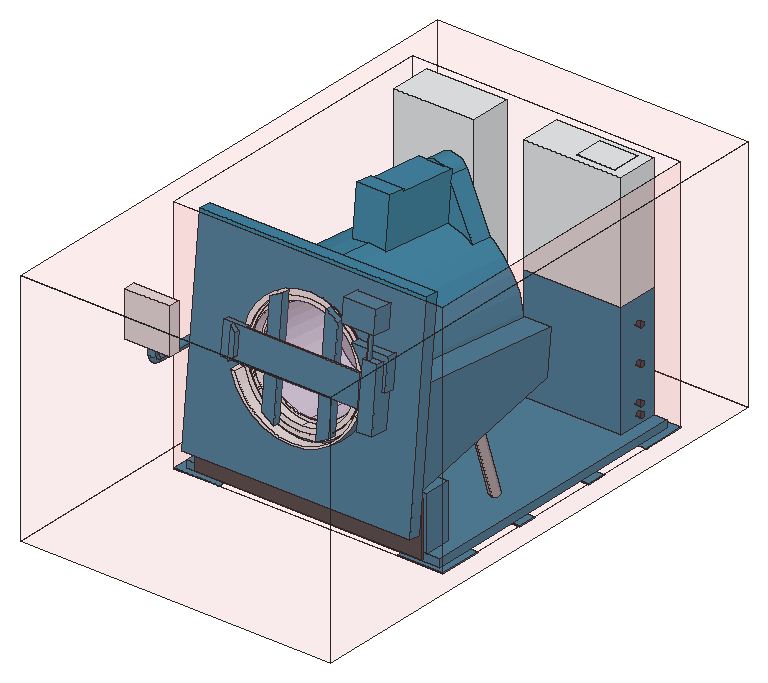
Revit family "Washer_Milnor_500lb-Capacity_68036M5K", category Mechanical Equipment, Revit 2026
Family settings
  Round Connector Dimension = Use Diameter
  Part Type = Normal
  Classification Number = 23.45.70.11.14.11
  Work Plane-Based = Yes
  Always vertical = No
  Cut with Voids When Loaded = No
  Maintain Annotation Orientation = No
  Shared = No
  Room Calculation Point = No
Parameters (values of type "6836m5kBe2018033D")
  doorgas = 28 1/2"
  Warranty Duration (Years) = 5
  Voltage_MEP = 44.5935 V
  Vibration Frequency = 0
  Unit Width = 112"
  Unit Weight = 15500
  Unit Height = 128 13/16"
  Unit Depth = 124 5/16"
  URL = "http://www.milnor.com/"
  Suspension Type = "Suspended"
  Specification = "https://www.arcat.com/sd/clients/pellerin.html"
  SpecWizard = "https://www.arcat.com/specwizard/11110pmc/index04.htm"
  Send Message = "http://www.arcat.com/users.pl?action=UserEmail&company=Pellerin+Milnor+Corp.&coid=34740&rep=108&fax=504-468-3094&mf="
  Sales Information = "http://www.milnor.com/contact_us.aspx"
  Revision = "R1_08-2018"
  Product Properties = "https://www.arcat.com/arcatcos/cos34/arc34740.html"
  Product Data = "http://www.arcat.com/arcatcos/cos34/arc34740.html"
  Phase = 3
  Number of Poles = 1
  Model = "6836m5kBe2018033D"
  Manufacturer Website = "http://www.milnor.com/"
  Manufacturer Phone - Toll Free = "800-469-8780"
  Manufacturer Phone = "504-467-9591"
  Manufacturer Fax = "504-468-3094"
  Manufacturer Address = "700 Jackson St.   Kenner, LA 70062"
  Manufacturer = "Pellerin Milnor Corp"
  Maintenance Schedule (Months) = 0
  MEP Amperage = 35 A
  Keynote = "11110"
  Interior Finish [instance] = Metal - Stainless Steel - Milnor - as Specified
  Installation-Fabrication = "https://www.arcat.com/catalogs/pellerin/pellerin.html"
  Installation Phase = ""
  Green Building-LEED = "https://www.arcat.com/green/green_building.shtml"
  Frequency = 60 Hz
  Extraction G-Force = "300 Gs"
  Expected Lifespan (Years) = 12
  Dynamic Load = 0.00 kip
  Drawn By = "Sumex Design, Inc. / Robert S. Weygant, CSI, CDT, SCIP"
  Door Opening Depth = 69 5/16"
  Door Opening = 48"
  Door Glazing [instance] = Glazing - Milnor - as Specified
  Door Finish [instance] = Metal - Stainless Steel - Milnor - Powder Coat as Specified
  Clearance Visible [instance] = yes
  Cabinet Front Doodads [instance] = Metal - Stainless Steel - Milnor - Powder Coat as Specified
  Description = "Milnor Commercial Washer Extractor"
  Default Elevation = 48"
  Cylinder Volume = 0.00 CF
  Cylinder Diameter = 68"
  Cylinder Depth = 36"
  Door Base from FF = 23.2"
  Copyright = "©Arcat Inc."
  Construction Details = "https://www.arcat.com/catalogs/pellerin/pellerin.html"
  Capacity = "400-500 lb"
  Cabinet Finish [instance] = Paint - Milnor - Blue
  Assembly Code = "E1010610"
Reference planes (in)
  plane 1 "Center (Front/Back)": y = 0
  plane 2 "Bottom": z = 0
  plane 3 "Center (Left/Right)": x = 0
  plane 4: y = -119.34375
  plane 5: z = 45
  plane 6: y = 50.03125
  plane 7: y = -50.03125
  plane 8: x = -56
  plane 9: x = 56
  plane 10: y = 73.96875
  plane 11: x = 53.125
  plane 12: z = 99.36991
  plane 13: y = 97.90625
Forms (in)
  Extrusion 1, solid, material "Paint - Milnor - Blue" <- "Cabinet Finish"
    sketch origin (0, 0, 0) x (1, 0, 0) y (0, 1, 0)
      loop
        line (-56, -32.03125) -> (-56, -50.03125) -> (-37, -50.03125) -> (-37, -32.03125) -> (-56, -32.03125)
      loop
        line (37, -32.03125) -> (37, -50.03125) -> (56, -50.03125) -> (56, -32.03125) -> (37, -32.03125)
      loop
        line (-37, -2.03125) -> (-56, -2.03125) -> (-56, -10.03125) -> (-37, -10.03125) -> (-37, -2.03125)
      loop
        line (-56, 73.96875) -> (-56, 55.96875) -> (-37, 55.96875) -> (-37, 73.96875) -> (-56, 73.96875)
      loop
        line (37, 73.96875) -> (37, 55.96875) -> (56, 55.96875) -> (56, 73.96875) -> (37, 73.96875)
      loop
        line (-37, 33.96875) -> (-56, 33.96875) -> (-56, 25.96875) -> (-37, 25.96875) -> (-37, 33.96875)
      loop
        line (37, -2.03125) -> (37, -10.03125) -> (56, -10.03125) -> (56, -2.03125) -> (37, -2.03125)
      loop
        line (37, 33.96875) -> (37, 25.96875) -> (56, 25.96875) -> (56, 33.96875) -> (37, 33.96875)
    from 0 to 0.25
  Extrusion 2, solid, material "Paint - Milnor - Black"
    sketch origin (-6.57785, -13.70318, 89.41361) x (0, 0, -1) y (1, 0, 0)
      loop
        circle (84.80775, 8.75) r 0.625
    from -88.59546 to 7.38853
  Extrusion 3, solid, material "Paint - Milnor - Blue" <- "Cabinet Finish"
    sketch origin (0, 0, 0) x (0, 1, 0) y (0, 0, 1)
      loop
        line (-51.69838, 11.91811) -> (-42.56176, 98.84727) -> (-47.53437, 99.36991) -> (-56.67099, 12.44076) -> (-51.69838, 11.91811)
    from -47.36425 to 47.36425
  Extrusion 4, solid, material "Paint - Milnor - Blue" <- "Cabinet Finish"
    sketch origin (0, -56.67099, 12.44076) x (0, 0.104528, 0.994522) y (-1, 0, 0)
      loop
        line (63.34195, -20.19914) -> (50.34195, -20.19914) -> (50.34195, -36.19914) -> (63.34195, -36.19914) -> (63.34195, -20.19914)
    from 0 to 4.277
  Extrusion 5, solid, material "Paint - Milnor - Blue" <- "Cabinet Finish"
    sketch origin (0, -55.88752, 19.89503) x (0, 0.104528, 0.994522) y (-1, 0, 0)
      loop
        line (47.15153, 30.52541) -> (34.15153, 30.52541) -> (34.15153, -26.34959) -> (47.15153, -26.34959) -> (47.15153, 30.52541)
    from 2.77869 to 5.14773
  Extrusion 6, solid, material "Paint - Milnor - Blue" <- "Cabinet Finish"
    sketch origin (0, -56.67099, 12.44076) x (0, 0.104528, 0.994522) y (-1, 0, 0)
      loop
        line (35.14687, -28.71384) -> (35.14687, -34.71384) -> (61.14687, -34.71384) -> (61.14687, -28.71384) -> (35.14687, -28.71384)
    from 0 to 7.70364
  Extrusion 7, solid, material "Paint - Milnor - Blue" <- "Cabinet Finish"
    sketch origin (0, -55.88752, 19.89503) x (0, 0.104528, 0.994522) y (-1, 0, 0)
      loop
        line (47.15153, 26.3125) -> (34.15153, 26.3125) -> (36.27285, 24.19118) -> (45.03021, 24.19118) -> (47.15153, 26.3125)
    from 5.14773 to 6.92948
  Extrusion 8, solid, material "Paint - Milnor - Blue" <- "Cabinet Finish"
    sketch origin (0, -56.67099, 12.44076) x (0, 0.104528, 0.994522) y (-1, 0, 0)
      loop
        line (50.34195, -29.67675) -> (42.34195, -29.67675) -> (42.34195, -31.67675) -> (50.34195, -31.67675) -> (50.34195, -29.67675)
    from 0 to 1.85829
  Extrusion 9, solid, material "Metal - Stainless Steel - Milnor - Powder Coat as Specified" <- "Door Finish"
    sketch origin (0, -55.88752, 19.89503) x (0, 0.104528, 0.994522) y (-1, 0, 0)
      loop
        circle (39.57704, 0) r 26
      loop
        circle (39.57704, 0) r 24
    from 0 to 0.25
  Extrusion 10, void
    sketch origin (0, -56.67099, 12.44076) x (0, -0.104528, -0.994522) y (-1, 0, 0)
      loop
        circle (-47.07237, -2.36425) r 25
    from -4.42404 to 9
  Extrusion 11, solid, material "Metal - Stainless Steel - Milnor - Powder Coat as Specified" <- "Door Finish"
    sketch origin (0, -55.88752, 19.89503) x (0, 0.104528, 0.994522) y (-1, 0, 0)
      loop
        circle (39.57704, 0) r 24
      loop
        circle (39.57704, 0) r 22
    from -5 to 0.125
  Extrusion 12, solid, material "Metal - Stainless Steel - Milnor - Powder Coat as Specified" <- "Door Finish"
    sketch origin (0, -55.88752, 19.89503) x (0, 0.104528, 0.994522) y (-1, 0, 0)
      loop
        circle (39.57704, 0) r 22
      loop
        circle (39.57704, 0) r 20.75
    from -42.18531 to -4
  Extrusion 13, solid, material "Glazing - Milnor - as Specified" <- "Door Glazing"
    sketch origin (0, -55.88752, 19.89503) x (0, 0.104528, 0.994522) y (-1, 0, 0)
      loop
        circle (39.57704, 0) r 20.75
    from -4.75 to -4.25
  Extrusion 14, solid, material "Paint - Milnor - Blue" <- "Cabinet Finish"
    sketch origin (2.83749, -56.64594, 12.67914) x (0, 0.104528, 0.994522) y (-1, 0, 0)
      loop
        arc (37.97157, 29.21249) -> (19.4855, 2.83749) -> (37.97157, -23.53751) r 28.0583
        line (37.97157, -23.53751) -> (37.97157, -22.33875)
        arc (37.97157, -22.33875) -> (20.29951, 2.53625) -> (37.97157, 27.41125) r 26.34292
        line (37.97157, 27.41125) -> (37.97157, 29.21249)
    from 0 to 4.96607
  Extrusion 15, solid, material "Metal - Stainless Steel - Milnor - Powder Coat as Specified" <- "Cabinet Front Doodads"
    sketch origin (65.39204, 23.96875, 99.36991) x (0, 1, 0) y (-1, 0, 0)
      loop
        line (32.27914, 38.66367) -> (32.27914, 22.91876) -> (44.27914, 22.91876) -> (44.27914, 38.66367) -> (32.27914, 38.66367)
    from 0 to 0.125
  Extrusion 16, solid, material "Paint - Milnor - Black"
    sketch origin (0, 70.49846, 0.25) x (0, 0, 1) y (1, 0, 0)
      loop
        circle (74.9785, -32.28576) r 0.25
      loop
        circle (6.9785, -32.28576) r 2
    from 0 to 0.48985
  Extrusion 17, solid, material "ARCAT Clearance", visible <- "Clearance Visible"
    sketch origin (64.26493, 103.11566, 0) x (1, 0, 0) y (0, 1, 0)
      loop
        line (0.54757, -5.20941) -> (-128.95243, -5.20941) -> (-128.95243, -222.45941) -> (0.54757, -222.45941) -> (0.54757, -5.20941)
      loop
        line (-120.26493, -153.14691) -> (-8.26493, -153.14691) -> (-8.26493, -29.14691) -> (-120.26493, -29.14691) -> (-120.26493, -153.14691)
    from 0 to 99.36991
  Revolve 18, solid, material "Paint - Milnor - Blue" <- "Cabinet Finish"
    sketch origin (0, 0, 0) x (0, 1, 0) y (0, 0, 1)
      loop
        line (-46.77798, 58.73262) -> (36.66924, 49.96196) -> (37.98157, 62.44795) -> (22.77323, 85.60977) -> (-43.22401, 92.54636) -> (-46.77798, 58.73262)
      axis (-46.77798, 58.73262) -> (36.66924, 49.96196)
    angle from 0 to 360
  Extrusion 19, solid, material "Paint - Milnor - Blue" <- "Cabinet Finish"
    sketch origin (0, 0, 0) x (1, 0, 0) y (0, 0, 1)
      loop
        line (-52.6875, 3.5) -> (-52.6875, 0.25) -> (52.6875, 0.25) -> (52.6875, 3.5) -> (-52.6875, 3.5)
    from -70.49846 to 47.72029
  Extrusion 20, solid, material "Paint - Milnor - Blue" <- "Cabinet Finish"
    sketch origin (0, 0, 0) x (0, 1, 0) y (0, 0, 1)
      loop
        line (-47.72029, 3.5) -> (-36.72029, 3.5) -> (-36.72029, 25.79376) -> (-47.72029, 25.79376) -> (-47.72029, 3.5)
    from -47.36425 to 47.36425
  Extrusion 21, solid, material "Paint - Milnor - Blue" <- "Cabinet Finish"
    sketch origin (0, 0, 0) x (0, 1, 0) y (0, 0, 1)
      loop
        line (-46.17628, 64.45743) -> (-50.33195, 24.91887) -> (17.93945, 39.61945) -> (19.82096, 57.52084) -> (-46.17628, 64.45743)
    from -45 to -34.125
  Extrusion 22, solid, material "Paint - Milnor - Blue" <- "Cabinet Finish"
    sketch origin (0, 0, 0) x (0, 1, 0) y (0, 0, -1)
      loop
        line (-46.17628, -64.45743) -> (19.82096, -57.52084) -> (17.93945, -39.61945) -> (-50.33195, -24.91887) -> (-46.17628, -64.45743)
    from -45 to -34.125
  Extrusion 23, solid, material "Paint - Milnor - Blue" <- "Cabinet Finish"
    sketch origin (0, 23.96875, 0) x (0, 1, 0) y (0, 0, 1)
      loop
        line (29.52971, 50.72341) -> (29.52971, 3.5) -> (46.52971, 3.5) -> (46.52971, 50.72341) -> (29.52971, 50.72341)
    from 6.888 to 47.36425
  Extrusion 24, solid, material "Metal - Stainless Steel - Milnor - Powder Coat as Specified" <- "Cabinet Front Doodads"
    sketch origin (0, 23.96875, 0) x (0, 1, 0) y (0, 0, 1)
      loop
        line (46.52971, 50.72341) -> (46.52971, 99.36991) -> (29.52971, 99.36991) -> (29.52971, 50.72341) -> (46.52971, 50.72341)
    from 6.888 to 47.36425
  Extrusion 25, solid, material "Paint - Milnor - Blue" <- "Cabinet Finish"
    sketch origin (0, 8.57565, -5.98428) x (1, 0, 0) y (0, 0.104528, 0.994522)
      loop
        spline (0, 91.63633) -> (1.54207, 91.60755) -> (3.08145, 91.52124) -> (4.61544, 91.37758) -> (6.14134, 91.17679) -> (7.65651, 90.91924) -> (9.15828, 90.60538) -> (10.64402, 90.23576) -> (12.11115, 89.81101) -> (13.55708, 89.3319) -> (14.9793, 88.79924) -> (16.3753, 88.21399) -> (17.74266, 87.57715)
        line (17.74266, 87.57715) -> (6.11891, 108.49711)
        arc (6.11891, 108.49711) -> (0, 112.09727) -> (-6.11891, 108.49711) r 7
        line (-6.11891, 108.49711) -> (-17.74266, 87.57715)
        spline (-17.74266, 87.57715) -> (-16.3753, 88.21399) -> (-14.9793, 88.79924) -> (-13.55708, 89.3319) -> (-12.11115, 89.81101) -> (-10.64402, 90.23576) -> (-9.15828, 90.60538) -> (-7.65651, 90.91924) -> (-6.14134, 91.17679) -> (-4.61544, 91.37758) -> (-3.08145, 91.52124) -> (-1.54207, 91.60755) -> (0, 91.63633)
    from -4.54561 to 4.46202
  Extrusion 26, solid, material "Paint - Milnor - Blue" <- "Cabinet Finish"
    sketch origin (0, 0, 0) x (0, 1, 0) y (0, 0, 1)
      loop
        line (15.7509, 104.97079) -> (-9.38098, 107.61226) -> (-9.27645, 108.60678) -> (-16.23811, 109.33848) -> (-18.80116, 84.95268) -> (13.29238, 81.57951) -> (15.7509, 104.97079)
    from -6.888 to 6.888
  Revolve 27, solid, material "Paint - Milnor - Blue" <- "Cabinet Finish"
    sketch origin (-32, 23.96875, 0) x (0, 1, 0) y (0, 0, 1)
      loop
        line (21.16723, 39.23406) -> (21.16723, 3.5) -> (23.52971, 3.5) -> (23.52971, 8.5) -> (27.54474, 14.23406) -> (27.54474, 39.23406) -> (21.16723, 39.23406)
      axis (21.16723, 39.23406) -> (21.16723, 3.5)
    angle from 0 to 360
  Revolve 28, solid, material "Metal - Stainless Steel - Milnor - as Specified"
    sketch origin (-40, 0, 0) x (0, 1, 0) y (0, 0, 1)
      loop
        line (-2.94357, 3.8942) -> (-1.04563, 4.52493) -> (-10.80664, 33.89713) -> (-12.70458, 33.26641) -> (-2.94357, 3.8942)
      axis (-12.70458, 33.26641) -> (-2.94357, 3.8942)
    angle from 0 to 360
  Revolve 29, solid, material "Metal - Stainless Steel - Milnor - as Specified"
    sketch origin (40, 0, 0) x (0, 1, 0) y (0, 0, -1)
      loop
        line (-2.94357, -3.8942) -> (-12.70458, -33.26641) -> (-10.80664, -33.89713) -> (-1.04563, -4.52493) -> (-2.94357, -3.8942)
      axis (-12.70458, -33.26641) -> (-2.94357, -3.8942)
    angle from 0 to 360
  Extrusion 30, solid, material "Paint - Milnor - Blue" <- "Cabinet Finish"
    sketch origin (0, 0, 0) x (1, 0, 0) y (0, 0, 1)
      loop
        spline (19, 30.69133) -> (16.07543, 29.2865) -> (13.02012, 28.12117) -> (9.8589, 27.20483) -> (6.61749, 26.54492) -> (3.32225, 26.14682) -> (0, 26.01376) -> (-3.32225, 26.14682) -> (-6.61749, 26.54492) -> (-9.8589, 27.20483) -> (-13.02012, 28.12117) -> (-16.07543, 29.2865) -> (-19, 30.69133)
        line (-19, 30.69133) -> (-19, 0) -> (19, 0) -> (19, 30.69133)
    from 21.09171 to 36.72029
  Extrusion 31, solid, material "Paint - Milnor - Blue" <- "Cabinet Finish"
    sketch origin (0.125, 23.96875, 0) x (0, 1, 0) y (0, 0, -1)
      loop
        line (29.52971, -39.23406) -> (46.52971, -39.23406) -> (46.52971, -3.5) -> (29.52971, -3.5) -> (29.52971, -39.23406)
    from 14.07152 to 47.48925
  Extrusion 32, solid, material "Metal - Stainless Steel - Milnor - Powder Coat as Specified" <- "Cabinet Front Doodads"
    sketch origin (0.125, 23.96875, 0) x (0, 1, 0) y (0, 0, -1)
      loop
        line (46.52971, -39.23406) -> (29.52971, -39.23406) -> (29.52971, -99.36991) -> (46.52971, -99.36991) -> (46.52971, -39.23406)
    from 14.07152 to 47.48925
  Extrusion 33, solid, material "Paint - Milnor - Black"
    sketch origin (28.41978, 70.74846, 126.34642) x (0, 0, -1) y (0, -1, 0)
      loop
        circle (84.80775, 8.75) r 1
      loop
        circle (99.55775, 8.75) r 1
      loop
        circle (114.30775, 8.75) r 1
      loop
        circle (118.55775, 8.75) r 1
    from -20.96134 to -16.58022
  Extrusion 34, solid, material "Metal - Stainless Steel - Milnor - Powder Coat as Specified" <- "Cabinet Front Doodads"
    sketch origin (0, 0, 0) x (0, 1, 0) y (0, 0, 1)
      loop
        line (-58.32307, 50.33861) -> (-58.32307, 69.33861) -> (-62.94807, 69.33861) -> (-62.94807, 50.33861) -> (-58.32307, 50.33861)
    from -66.11425 to -47.36425
  Sweep 35, solid, material "Paint - Milnor - Blue" <- "Cabinet Finish"
    path origin (4.13501, -3.90216, 0) x (0.066507, 0.997786, 0) y (0, 0, 1)
      loop
        line (-60.58506, 50.33861) -> (-60.58506, 47)
        arc (-60.58506, 47) -> (-59.99927, 45.58579) -> (-58.58506, 45) r 2
        line (-58.58506, 45) -> (-36.88557, 45)
        arc (-36.88557, 45) -> (-35.47135, 44.41421) -> (-34.88557, 43) r 2
        line (-34.88557, 43) -> (-34.88557, 39)
    profile origin (0.10567, -64.35308, 48.6693) x (0.997786, -0.066507, 0) y (0.066507, 0.997786, 0)
      loop
        circle (-56.73925, 0) r 1.5
  Extrusion 36, solid, material "Paint - Milnor - Blue" <- "Cabinet Finish"
    sketch origin (-0.09158, 0.35348, 0) x (1, 0, 0) y (0, 1, 0)
      loop
        circle (-54.70983, -35.33473) r 1.75
    from 0 to 39
  Extrusion 37, solid, material "Paint - Milnor - Black"
    sketch origin (0, 0, 0) x (0, 1, 0) y (0, 0, 1)
      loop
        line (-50.03125, 25.0188) -> (-50.15625, 25.0188) -> (-50.15625, 2.2688) -> (-50.03125, 2.2688) -> (-50.03125, 25.0188)
    from -47.36425 to 47.36425
  Revolve 38, solid, material "Paint - Milnor - Blue" <- "Cabinet Finish"
    sketch origin (0, 0, 0) x (0, 1, 0) y (0, 0, 1)
      loop
        line (-21.09171, 18.5) -> (-21.09171, 10.5) -> (-15.09171, 10.5) -> (-15.09171, 21.5) -> (-17.09171, 21.5) -> (-17.09171, 18.5) -> (-21.09171, 18.5)
      axis (-15.09171, 21.5) -> (-15.09171, 10.5)
    angle from 0 to 360
  Revolve 39, solid, material "Paint - Milnor - Blue" <- "Cabinet Finish"
    sketch origin (0, 0, 0) x (0, 1, 0) y (0, 0, 1)
      loop
        line (-19.72029, 10.5) -> (-19.72029, 3.5) -> (-19.22029, 3.5) -> (-19.22029, 10.5) -> (-19.72029, 10.5)
      axis (-19.22029, 10.5) -> (-19.22029, 3.5)
    angle from 0 to 360
  Extrusion 40, solid, material "Paint - Milnor - Blue" <- "Cabinet Finish"
    sketch origin (0, -56.13615, 19.92116) x (0, 0.104528, 0.994522) y (-1, 0, 0)
      loop
        line (60.37393, 14.047) -> (18.62473, 14.047) -> (15.62473, 8.85085) -> (63.37393, 8.85085) -> (60.37393, 14.047)
      loop
        line (60.37393, -14.047) -> (63.37393, -8.85085) -> (15.63848, -8.85085) -> (18.63848, -14.047) -> (60.37393, -14.047)
    from 0 to 2.77869
  Revolve 41, void
    sketch origin (0, 0, 0) x (0, 1, 0) y (0, 0, 1)
      loop
        line (-45.47287, 80.71663) -> (-47.7725, 58.83714) -> (-9.79638, 54.84569) -> (-7.49675, 76.72517) -> (-45.47287, 80.71663)
      axis (-9.79638, 54.84569) -> (-47.7725, 58.83714)
    angle from 0 to 360
  Revolve 42, solid, material "Metal - Stainless Steel - Milnor - as Specified" <- "Interior Finish"
    sketch origin (0, -7.67768, 0.80696) x (0, 1, 0) y (0, 0, 1)
      loop
        line (0.05027, 74.67507) -> (-1.12854, 74.79896) -> (-3.29751, 54.16263) -> (-2.11869, 54.03874) -> (0.05027, 74.67507)
      axis (-3.29751, 54.16263) -> (-2.11869, 54.03874)
    angle from 0 to 360
  Extrusion 43, solid, material "Paint - Milnor - Blue" <- "Cabinet Finish"
    sketch origin (0, -54.68495, 31.33667) x (0, 0.104528, 0.994522) y (-1, 0, 0)
      loop
        line (51.86926, -19.19914) -> (51.86926, -32.66588) -> (61.14687, -32.66588) -> (61.14687, -19.19914) -> (51.86926, -19.19914)
    from 0 to 7.70364
  Revolve 44, solid, material "Paint - Milnor - Blue" <- "Cabinet Finish"
    sketch origin (30, -1.98904, 0.20906) x (0, 1, 0) y (0, 0, 1)
      loop
        line (-53.09386, 83.32441) -> (-53.83975, 83.40281) -> (-54.85602, 73.73367) -> (-54.11012, 73.65528) -> (-53.09386, 83.32441)
      axis (-53.09386, 83.32441) -> (-54.11012, 73.65528)
    angle from 0 to 360
Cuts and joins
  Extrusion 10 cuts Extrusion 3
  Extrusion 10 cuts Extrusion 4
  Extrusion 10 cuts Extrusion 5
  Extrusion 10 cuts Extrusion 7
  joined: Revolve 38, Revolve 39
  Revolve 41 cuts Revolve 18
Lines and regions (in)
  symbolic lines, style "MechanicalEquipmentHiddenLines"
    curve 1: line (-56, 26.03125, 0) -> (63.625, 26.03125, 0)
Dimensions and locks (in)
  equal spacing: plane 6, plane 1 "Center (Front/Back)", plane 7
  locked: plane 6 to plane 7 at 100.0625
  equal spacing: plane 8, plane 3 "Center (Left/Right)", plane 9
  "Unit Width": plane 8 to plane 9
  locked: plane 7 to plane 4 at 69.3125
  level to Extrusion 20 = 25.79376"
  locked: plane 10 to plane 6 at 23.9375
  equal spacing: plane 13, plane 10, plane 6
  aligned and locked: Extrusion 17 to plane 12
  aligned and locked: plane 13 to Extrusion 17
  aligned and locked: Extrusion 17 to Extrusion 1 sketch curve
  aligned and locked: Extrusion 1 sketch curve to plane 10  (x2)
  aligned and locked: Extrusion 1 sketch curve to Extrusion 17
Automatic sketch dimensions
  plane 3 "Center (Left/Right)" to Extrusion 2 sketch curve = 2.17215"
  level to Extrusion 2 sketch curve = 4.60586"
  plane 8 to Extrusion 5 sketch curve = 25.47459"
  Extrusion 5 sketch curve to Extrusion 5 sketch curve = 13"
  plane 3 "Center (Left/Right)" to Extrusion 5 sketch curve = 26.34959"
  Extrusion 7 sketch curve to plane 3 "Center (Left/Right)" = 26 5/16"
  Extrusion 7 sketch curve to plane 3 "Center (Left/Right)" = 24.19118"
  Extrusion 7 sketch curve to Extrusion 7 sketch curve = 2.12132"  (x2)
  Extrusion 7 sketch curve to Extrusion 7 sketch curve = 8.75736"
  Extrusion 9 sketch curve to Extrusion 9 sketch curve = 0"  (x2)
  Extrusion 9 sketch curve to plane 3 "Center (Left/Right)" = 0"
  Extrusion 11 sketch curve to Extrusion 11 sketch curve = 0"  (x2)
  Extrusion 11 sketch curve to plane 3 "Center (Left/Right)" = 0"
  Extrusion 12 sketch curve to Extrusion 12 sketch curve = 0"  (x2)
  Extrusion 12 sketch curve to plane 3 "Center (Left/Right)" = 0"
  Extrusion 13 sketch curve to plane 3 "Center (Left/Right)" = 0"
  plane 6 to Extrusion 15 sketch curve = 6.21664"
  plane 6 to Extrusion 15 sketch curve = 18.21664"
  Extrusion 15 sketch curve to plane 9 = 13.52673"
  Extrusion 15 sketch curve to Extrusion 15 sketch curve = 15.7449"
  plane 7 to Revolve 18 sketch curve = 3.25327"
  plane 7 to Revolve 18 sketch curve = 6.80724"
  Revolve 18 sketch curve to plane 1 "Center (Front/Back)" = 22.77323"
  plane 5 to Revolve 18 sketch curve = 4.96196"
  Revolve 18 sketch curve to plane 1 "Center (Front/Back)" = 36.66924"
  plane 5 to Revolve 18 sketch curve = 17.44795"
  Revolve 18 sketch curve to Revolve 18 sketch curve = 1.31233"
  Revolve 18 sketch curve to Revolve 18 sketch curve = 3.97809"
  plane 5 to Revolve 18 sketch curve = 6.83374"
  Revolve 18 sketch curve to Revolve 18 sketch curve = 17.80878"
  Revolve 18 sketch curve to Revolve 18 sketch curve = 0.41811"
  level to Extrusion 19 sketch curve = 1/4"
  plane 8 to Extrusion 19 sketch curve = 3 5/16"
  Extrusion 19 sketch curve to plane 9 = 3 5/16"
  Extrusion 19 sketch curve to Extrusion 19 sketch curve = 3 1/4"
  plane 7 to Extrusion 20 sketch curve = 2.31096"
  Extrusion 20 sketch curve to Extrusion 20 sketch curve = 11"
  level to Extrusion 20 sketch curve = 3 1/2"
  Extrusion 20 sketch curve to plane 5 = 19.20624"
  level to Extrusion 23 sketch curve = 3 1/2"
  plane 6 to Extrusion 23 sketch curve = 3.46721"
  plane 6 to Extrusion 23 sketch curve = 20.46721"
  plane 5 to Extrusion 23 sketch curve = 5.72341"
  Extrusion 25 sketch curve to plane 3 "Center (Left/Right)" = 0"  (x2)
  Extrusion 25 sketch curve to plane 3 "Center (Left/Right)" = 6.11891"
  Extrusion 25 sketch curve to plane 3 "Center (Left/Right)" = 17.74266"
  plane 3 "Center (Left/Right)" to Extrusion 25 sketch curve = 6.11891"
  plane 3 "Center (Left/Right)" to Extrusion 25 sketch curve = 17.74266"
  Extrusion 25 sketch curve to Extrusion 25 sketch curve = 0"  (x2)
  Extrusion 25 sketch curve to Extrusion 25 sketch curve = 17.52012"
  Extrusion 25 sketch curve to Extrusion 25 sketch curve = 3.39985"
  Extrusion 25 sketch curve to plane 9 = 19 1/8"
  Extrusion 25 sketch curve to Extrusion 25 sketch curve = 28.84453"
  Revolve 27 sketch curve to plane 5 = 5.76594"
  Revolve 27 sketch curve to plane 1 "Center (Front/Back)" = 45.13598"
  level to Revolve 27 sketch curve = 8 1/2"
  Revolve 27 sketch curve to Revolve 27 sketch curve = 2.36248"
  Revolve 27 sketch curve to Revolve 27 sketch curve = 6.37751"
  level to Revolve 27 sketch curve = 3 1/2"
  Revolve 27 sketch curve to Revolve 27 sketch curve = 5.73406"
  Revolve 27 sketch curve to Revolve 27 sketch curve = 0"  (x3)
  plane 1 "Center (Front/Back)" to Revolve 29 sketch curve = 12.70458"
  Revolve 29 sketch curve to Revolve 29 sketch curve = 1.89794"
  plane 1 "Center (Front/Back)" to Revolve 29 sketch curve = 2.94357"
  Revolve 29 sketch curve to plane 5 = 11.10287"
  Revolve 29 sketch curve to Revolve 29 sketch curve = 0.63073"
  Revolve 29 sketch curve to Revolve 29 sketch curve = 1.24402"
  Revolve 29 sketch curve to Revolve 29 sketch curve = 0"  (x2)
  Revolve 29 sketch curve to Revolve 29 sketch curve = 3.74343"
  Extrusion 30 sketch curve to level = 0"
  Extrusion 30 sketch curve to plane 3 "Center (Left/Right)" = 0"
  Extrusion 30 sketch curve to plane 3 "Center (Left/Right)" = 19"
  plane 3 "Center (Left/Right)" to Extrusion 30 sketch curve = 19"
  Extrusion 30 sketch curve to plane 5 = 14.30867"
  Extrusion 30 sketch curve to plane 9 = 19 1/8"
  plane 5 to Extrusion 30 sketch curve = 13.73262"
  level to Extrusion 31 sketch curve = 3 1/2"
  plane 6 to Extrusion 31 sketch curve = 3.46721"
  plane 6 to Extrusion 31 sketch curve = 20.46721"
  Extrusion 31 sketch curve to plane 5 = 5.76594"
  Extrusion 33 sketch curve to plane 5 = 3.46133"
  Extrusion 33 sketch curve to Extrusion 33 sketch curve = 14 3/4"
  level to Extrusion 33 sketch curve = 12.03867"
  Extrusion 33 sketch curve to Extrusion 33 sketch curve = 4 1/4"
  plane 6 to Extrusion 33 sketch curve = 11.96721"  (x3)
  Extrusion 33 sketch curve to Extrusion 33 sketch curve = 0"
  Extrusion 34 sketch curve to plane 7 = 12.91682"
  Extrusion 34 sketch curve to Extrusion 34 sketch curve = 4 5/8"
  plane 5 to Extrusion 34 sketch curve = 5.33861"
  plane 5 to Extrusion 34 sketch curve = 24.33861"
  plane 8 to Extrusion 36 sketch curve = 1.19859"
  plane 7 to Extrusion 36 sketch curve = 15.04999"
  Extrusion 37 sketch curve to plane 7 = 0"
  Extrusion 37 sketch curve to plane 7 = 1/8"
  level to Extrusion 37 sketch curve = 2.2688"
  Extrusion 37 sketch curve to plane 5 = 19.9812"
  Extrusion 21 sketch curve to plane 7 = 0.3007"
  plane 7 to Extrusion 21 sketch curve = 3.85497"
  Extrusion 21 sketch curve to plane 1 "Center (Front/Back)" = 19.82096"
  plane 5 to Extrusion 21 sketch curve = 12.52084"
  Extrusion 21 sketch curve to plane 1 "Center (Front/Back)" = 17.93945"
  Extrusion 21 sketch curve to plane 5 = 5.38055"
  Extrusion 22 sketch curve to plane 7 = 0.3007"
  plane 7 to Extrusion 22 sketch curve = 3.85497"
  Extrusion 22 sketch curve to plane 1 "Center (Front/Back)" = 19.82096"
  plane 5 to Extrusion 22 sketch curve = 19.45743"
  Extrusion 22 sketch curve to plane 5 = 5.38055"
  Extrusion 22 sketch curve to plane 1 "Center (Front/Back)" = 17.93945"
  plane 1 "Center (Front/Back)" to Revolve 28 sketch curve = 12.70458"
  plane 1 "Center (Front/Back)" to Revolve 28 sketch curve = 1.04563"
  level to Revolve 28 sketch curve = 3.8942"
  Revolve 28 sketch curve to Revolve 28 sketch curve = 0.63073"
  Revolve 28 sketch curve to Revolve 28 sketch curve = 0.77316"
  Revolve 28 sketch curve to Revolve 28 sketch curve = 1.89794"
  Revolve 28 sketch curve to Revolve 28 sketch curve = 0"  (x2)
  Revolve 28 sketch curve to Revolve 28 sketch curve = 2.32653"
  plane 1 "Center (Front/Back)" to Revolve 38 sketch curve = 21.09171"
  Revolve 38 sketch curve to Revolve 38 sketch curve = 4"
  Revolve 38 sketch curve to Revolve 38 sketch curve = 6"
  level to Revolve 38 sketch curve = 10 1/2"
  Revolve 38 sketch curve to Revolve 38 sketch curve = 8"
  Revolve 38 sketch curve to Revolve 38 sketch curve = 3"
  Revolve 38 sketch curve to Revolve 38 sketch curve = 0"  (x3)
  level to Revolve 39 sketch curve = 3 1/2"
  plane 1 "Center (Front/Back)" to Revolve 39 sketch curve = 19.72029"
  Revolve 39 sketch curve to Revolve 39 sketch curve = 1/2"
  Revolve 39 sketch curve to Revolve 39 sketch curve = 7"
  Revolve 39 sketch curve to Revolve 39 sketch curve = 0"  (x3)
  curve 1 to plane 8 = 0"
  plane 9 to curve 1 = 7 5/8"
  curve 1 to plane 6 = 24"
  Sweep 35 sketch curve to plane 5 = 0"
  plane 5 to Sweep 35 sketch curve = 2"
  Sweep 35 sketch curve to plane 5 = 2"
  Sweep 35 sketch curve to Sweep 35 sketch curve = 21.69949"
  Sweep 35 sketch curve to Sweep 35 sketch curve = 4"
  Sweep 35 sketch curve to Sweep 35 sketch curve = 3.33861"
  profile plane to Sweep 35 sketch curve = 0"
  Sweep 35 sketch curve to profile plane = 56.73925"
  Extrusion 1 sketch curve to plane 8 = 0"  (x3)
  Extrusion 1 sketch curve to plane 7 = 0"  (x2)
  Extrusion 1 sketch curve to plane 9 = 0"  (x3)
  plane 1 "Center (Front/Back)" to Extrusion 1 sketch curve = 2 1/32"  (x2)
  Extrusion 1 sketch curve to Extrusion 1 sketch curve = 19"  (x3)
  plane 8 to Extrusion 1 sketch curve = 19"
  plane 11 to Extrusion 1 sketch curve = 16 1/8"  (x4)
  Extrusion 1 sketch curve to Extrusion 1 sketch curve = 18"  (x2)
  plane 1 "Center (Front/Back)" to Extrusion 1 sketch curve = 10 1/32"
  Extrusion 1 sketch curve to Extrusion 1 sketch curve = 8"  (x3)
  Extrusion 1 sketch curve to plane 6 = 24 1/16"  (x2)
  plane 6 to Extrusion 1 sketch curve = 5 15/16"  (x2)
  Extrusion 3 sketch curve to plane 12 = 0"
  Extrusion 3 sketch curve to plane 7 = 6.63974"
  Extrusion 3 sketch curve to plane 7 = 1.66713"
  plane 7 to Extrusion 3 sketch curve = 2.49688"
  Extrusion 3 sketch curve to Extrusion 3 sketch curve = 0.52264"
  Extrusion 3 to Extrusion 4 sketch curve = 37.06603"
  Extrusion 4 sketch curve to Extrusion 4 sketch curve = 13"
  Extrusion 3 to Extrusion 4 sketch curve = 11.1651"
  Extrusion 4 sketch curve to Extrusion 4 sketch curve = 16"
  Extrusion 3 to Extrusion 6 sketch curve = 35.14687"
  Extrusion 3 to Extrusion 6 sketch curve = 12.65041"
  Extrusion 6 sketch curve to Extrusion 6 sketch curve = 26"
  Extrusion 6 sketch curve to Extrusion 6 sketch curve = 6"
  Extrusion 3 to Extrusion 8 sketch curve = 17 11/16"
  Extrusion 3 to Extrusion 8 sketch curve = 42.34195"
  Extrusion 8 sketch curve to Extrusion 8 sketch curve = 8"
  Extrusion 8 sketch curve to Extrusion 8 sketch curve = 2"
  Extrusion 10 sketch curve to Extrusion 3 = 40.33561"
  Extrusion 10 sketch curve to Extrusion 3 = 45"
  Extrusion 3 to Extrusion 14 sketch curve = 20.98925"
  Extrusion 3 to Extrusion 14 sketch curve = 38.21126"  (x2)
  Extrusion 14 sketch curve to Extrusion 14 sketch curve = 8.67086"
  Extrusion 14 sketch curve to Extrusion 14 sketch curve = 0.90137"
  Extrusion 14 sketch curve to Extrusion 14 sketch curve = 1.80124"
  Extrusion 14 sketch curve to Extrusion 14 sketch curve = 24.57376"
  Extrusion 14 sketch curve to Extrusion 14 sketch curve = 0.30124"
  level to Extrusion 16 sketch curve = 7.2285"
  Extrusion 16 sketch curve to plane 12 = 24.14141"
  plane 8 to Extrusion 16 sketch curve = 23.71424"  (x2)
  Extrusion 24 sketch curve to plane 12 = 0"
  plane 6 to Extrusion 24 sketch curve = 3.46721"
  Extrusion 24 sketch curve to plane 10 = 3.47029"
  plane 5 to Extrusion 24 sketch curve = 5.72341"
  plane 1 "Center (Front/Back)" to Extrusion 26 sketch curve = 18.80116"
  plane 1 "Center (Front/Back)" to Extrusion 26 sketch curve = 16.23811"
  Extrusion 26 sketch curve to Extrusion 26 sketch curve = 6.85712"
  Extrusion 26 sketch curve to Extrusion 26 sketch curve = 0.10453"
  Extrusion 26 sketch curve to plane 1 "Center (Front/Back)" = 13.29238"
  Extrusion 26 sketch curve to plane 12 = 17.7904"
  Extrusion 26 sketch curve to Extrusion 26 sketch curve = 3.37317"
  Extrusion 32 sketch curve to plane 12 = 0"
  plane 6 to Extrusion 32 sketch curve = 3.46721"
  Extrusion 32 sketch curve to plane 10 = 3.47029"
  Extrusion 32 sketch curve to plane 5 = 5.76594"
  Extrusion 17 sketch curve to plane 13 = 0"
  Extrusion 17 sketch curve to plane 4 = 0"
  Extrusion 17 sketch curve to plane 8 = 0"
  Extrusion 17 sketch curve to plane 7 = 0"
  Extrusion 17 sketch curve to plane 9 = 0"
  Extrusion 17 sketch curve to plane 8 = 8 11/16"
  plane 9 to Extrusion 17 sketch curve = 8 13/16"
  plane 10 to Extrusion 17 sketch curve = 0"
  plane 3 "Center (Left/Right)" to Extrusion 40 sketch curve = 8.85085"
  Extrusion 40 sketch curve to plane 3 "Center (Left/Right)" = 8.85085"
  Extrusion 40 sketch curve to Extrusion 40 sketch curve = 0.01375"
  Extrusion 40 sketch curve to plane 3 "Center (Left/Right)" = 14.047"
  Extrusion 40 sketch curve to Extrusion 40 sketch curve = 3"  (x4)
  plane 3 "Center (Left/Right)" to Extrusion 40 sketch curve = 14.047"
  Extrusion 40 sketch curve to Extrusion 40 sketch curve = 41.7492"
  Extrusion 40 sketch curve to Extrusion 40 sketch curve = 0"
  plane 7 to Revolve 41 sketch curve = 2.25875"
  plane 7 to Revolve 41 sketch curve = 4.55838"
  plane 1 "Center (Front/Back)" to Revolve 41 sketch curve = 9.79638"
  plane 5 to Revolve 41 sketch curve = 9.84569"
  Revolve 41 sketch curve to Revolve 41 sketch curve = 3.99145"
  Revolve 41 sketch curve to Revolve 41 sketch curve = 0"  (x2)
  Revolve 41 sketch curve to Revolve 41 sketch curve = 0.99452"
  Revolve 41 sketch curve to Revolve 41 sketch curve = 0.10453"
  plane 1 "Center (Front/Back)" to Revolve 42 sketch curve = 10.97519"
  Revolve 42 sketch curve to Revolve 42 sketch curve = 1.17882"
  plane 1 "Center (Front/Back)" to Revolve 42 sketch curve = 8.80623"
  plane 5 to Revolve 42 sketch curve = 9.84569"
  Revolve 42 sketch curve to Revolve 42 sketch curve = 0.1239"
  Revolve 42 sketch curve to Revolve 42 sketch curve = 0"  (x2)
  Revolve 42 sketch curve to Revolve 42 sketch curve = 0.06434"
  Revolve 42 sketch curve to Revolve 42 sketch curve = 0.00676"
  plane 3 "Center (Left/Right)" to Extrusion 43 sketch curve = 19.19914"
  Extrusion 43 sketch curve to Extrusion 43 sketch curve = 9.2776"
  Extrusion 43 sketch curve to Extrusion 43 sketch curve = 13.46673"
  Revolve 44 sketch curve to plane 7 = 6.81381"
  Revolve 44 sketch curve to Revolve 44 sketch curve = 0.74589"
  Revolve 44 sketch curve to plane 7 = 5.79754"
  Revolve 44 sketch curve to plane 12 = 25.50557"
  Revolve 44 sketch curve to Revolve 44 sketch curve = 0.0784"
  Revolve 44 sketch curve to Revolve 44 sketch curve = 0"  (x4)
  radius of Extrusion 2 sketch curve = 5/8"
  radius of Extrusion 9 sketch curve = 26"
  radius of Extrusion 9 sketch curve = 24"
  radius of Extrusion 11 sketch curve = 24"
  radius of Extrusion 11 sketch curve = 22"
  radius of Extrusion 12 sketch curve = 22"
  radius of Extrusion 12 sketch curve = 20 3/4"
  radius of Extrusion 13 sketch curve = 20 3/4"
  radius of Extrusion 33 sketch curve = 1"  (x4)
  radius of Extrusion 36 sketch curve = 1 3/4"
  radius of Sweep 35 sketch curve = 1 1/2"
  radius of Extrusion 10 sketch curve = 25"
  radius of Extrusion 16 sketch curve = 1/4"
  radius of Extrusion 16 sketch curve = 2"
Connectors (in)
  piping at (2.17215, 74.89227, 4.60586), diameter 1.25
    settings: on Extrusion 2, index 9, connector inside diameter 1 1/4", connector length 0", flow factor 0, pipe flow 0 GPM, pressure drop 0.00 psi, fitting loss kfactor 0, connector angle 0.00°, fixture units 0, engagement length 0", angle of deflection 0.00°, flow configuration 0, flow direction 1, fitting loss method 0, system type 29, joint type 0, gender type 0, connector reference index -1, connector utility 0, adjustable connector no, is connector primary yes, connector description "Steam Inlet"
  electrical at (34.60082, 62.24789, 99.49491)
    settings: on Extrusion 15, index 14, voltage 0 V, apparent load 0 VA, apparent load phase1 0 VA, apparent load phase2 0 VA, apparent load phase3 0 VA, power factor 1, load classification "Other", number of poles 1, system type 31, power factor state 1, is connector primary yes, connector utility no, sub classification motor no, connector description ""
  hvac at (-32.28576, 70.9883, 75.2285)
    settings: on Extrusion 16, index 15, duct flow 0 CFM, flow factor 0, pres drop 0.00 in-wg, loss coef 0, conn angle 0.00°, conn width 12", conn height 12", conn diameter 1/4", duct sys type 1, conn prof type 0, flow config 0, flow direction 0, loss method 0, conn ref index -1, conn util no, is conn primary yes, conn desc ""
  piping at (-32.28576, 70.9883, 7.2285), diameter 4
    settings: on Extrusion 16, index 16, connector inside diameter 24", connector length 0", flow factor 0, pipe flow 0 GPM, pressure drop 0.00 psi, fitting loss kfactor 0, connector angle 0.00°, fixture units 0, engagement length 0", angle of deflection 0.00°, flow configuration 0, flow direction 0, fitting loss method 0, system type 17, joint type 0, gender type 0, connector reference index -1, connector utility 0, adjustable connector no, is connector primary no, connector description ""
  piping at (49.38111, 61.99846, 41.53867), diameter 1.5
    settings: on Extrusion 33, index 17, connector inside diameter 24", connector length 0", flow factor 0, pipe flow 0 GPM, pressure drop 0.00 psi, fitting loss kfactor 0, connector angle 0.00°, fixture units 0, engagement length 0", angle of deflection 0.00°, flow configuration 0, flow direction 0, fitting loss method 0, system type 19, joint type 0, gender type 0, connector reference index -1, connector utility 0, adjustable connector no, is connector primary no, connector description ""
  piping at (49.38111, 61.99846, 41.53867), diameter 1.5
    settings: on Extrusion 33, index 18, connector inside diameter 24", connector length 0", flow factor 0, pipe flow 0 GPM, pressure drop 0.00 psi, fitting loss kfactor 0, connector angle 0.00°, fixture units 0, engagement length 0", angle of deflection 0.00°, flow configuration 0, flow direction 1, fitting loss method 0, system type 19, joint type 0, gender type 0, connector reference index -1, connector utility 0, adjustable connector no, is connector primary no, connector description ""
  piping at (49.38111, 61.99846, 26.78867), diameter 1.5
    settings: on Extrusion 33, index 19, connector inside diameter 24", connector length 0", flow factor 0, pipe flow 0 GPM, pressure drop 0.00 psi, fitting loss kfactor 0, connector angle 0.00°, fixture units 0, engagement length 0", angle of deflection 0.00°, flow configuration 0, flow direction 1, fitting loss method 0, system type 20, joint type 0, gender type 0, connector reference index -1, connector utility 0, adjustable connector no, is connector primary no, connector description ""
  piping at (49.38111, 61.99846, 12.03867), diameter 1.5
    settings: on Extrusion 33, index 20, connector inside diameter 24", connector length 0", flow factor 0, pipe flow 0 GPM, pressure drop 0.00 psi, fitting loss kfactor 0, connector angle 0.00°, fixture units 0, engagement length 0", angle of deflection 0.00°, flow configuration 0, flow direction 1, fitting loss method 0, system type 22, joint type 0, gender type 0, connector reference index -1, connector utility 0, adjustable connector no, is connector primary no, connector description ""
  piping at (49.38111, 61.99846, 7.78867), diameter 1.5
    settings: on Extrusion 33, index 21, connector inside diameter 24", connector length 0", flow factor 0, pipe flow 0 GPM, pressure drop 0.00 psi, fitting loss kfactor 0, connector angle 0.00°, fixture units 0, engagement length 0", angle of deflection 0.00°, flow configuration 0, flow direction 1, fitting loss method 0, system type 8, joint type 0, gender type 0, connector reference index -1, connector utility 0, adjustable connector no, is connector primary no, connector description ""
